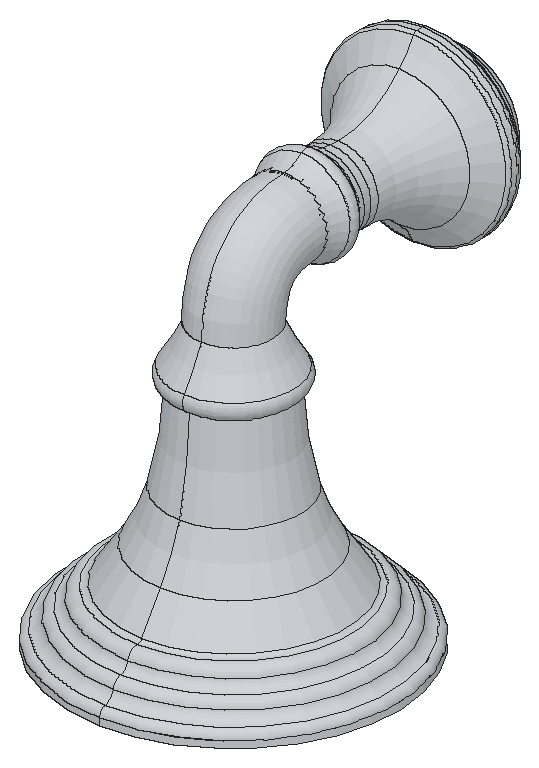
Revit family "Accessory-Robe_Hook-KOHLER-Devonshire-K-10555", category Specialty Equipment, host Face, Revit 2015
Parameters (values of type "CP-Polished Chrome")
  Width = 3 3/16"  # constant formula
  URL = "https://www.us.kohler.com/us/"
  Type = 1
  Product Page URL = "http://www.us.kohler.com/us/catalog/productDetails.jsp?productNumber=10555"
  Product Name = "Devonshire"  # constant formula
  Product Documentation Link = "http://www.us.kohler.com/onlinecatalog/pdf/K-10555_spec.pdf"
  Model = if(Type = 1, "K-10555-CP", if(Type = 2, "K-10555-SN", if(Type = 3, "K-10555-PB", if(Type = 4, "K-10555-BN", if(Type = 5, "K-10555-BV", if(Type = 6, "K-10555-2BZ", "NA"))))))  # "K-10555-CP"
  Material = "Premium Metal Construction"  # constant formula
  MasterFormat 2004 = "10.28.13"  # constant formula
  MasterFormat 1995 = "10820"  # constant formula
  Manufacturer Address = "444 Highland Dr, Kohler, WI 53044"  # constant formula
  Manufacturer = "KOHLER Co."  # constant formula
  Length = 2 3/8"  # constant formula
  Height = 3 1/4"  # constant formula
  Finish = Kohler-Metal-CP-Polished_Chrome
  Environmental Product Declaration = ""
  Description = "Robe hook "  # constant formula
  Default Elevation = 42"
  Declare Label = ""
  Date Modified = "08/30/2018"  # constant formula
  Date Created = "08/30/2018"  # constant formula
  Copyright = "Copyright KOHLER Co."  # constant formula
  Contact Us = "https://www.us.kohler.com/us/static/contact.jsp"
  Assembly Code = "C1030200"
  ADA Compliant = 1 = 0  # no
Types (6): name | Type | Model | Finish
  CP-Polished Chrome | 1 | "K-10555-CP" | Kohler-Metal-CP-Polished_Chrome
  SN-Vibrant Polished Nickel | 2 | "K-10555-SN" | Kohler-Metal-SN-Vibrant_Polished_Nickel
  PB-Vibrant Polished Brass | 3 | "K-10555-PB" | Kohler-Metal-PB-Vibrant_Polished_Brass
  BN-Vibrant Brushed Nickel | 4 | "K-10555-BN" | Kohler-Metal-BN-Vibrant_Brushed_Nickel
  BV-Vibrant Brushed Bronze | 5 | "K-10555-BV" | Kohler-Metal-BV-Brushed_Bronze
  2BZ-Oil Rubbed Bronze | 6 | "K-10555-2BZ" | Kohler-Metal-2BZ-Oil_Rubbed_Bronze
Reference planes (in)
  plane 1 "Center (Front/Back)": y = 0
  plane 2: z = 0
  plane 3 "Center (Left/Right)": x = 0
  plane 4: z = 3.1875
  plane 5: y = -1.18758
  plane 6: y = 2.06242
  plane 7: y = 1.18742
  plane 8: x = -1.1875
  plane 9: x = 1.1875
Dimensions and locks (in)
  "Height": plane 6 to plane 5
  "Width": plane 4 to level
  "Length": plane 8 to plane 9
  aligned and locked: plane 2 to host face
  aligned and locked: level to host face
Automatic sketch dimensions
  host sketch curve to host sketch curve = 96"  (x2)
Nested families (in)
  nested 1: "K-10555" at (0, 0, 0) x (0, 1, 0) z (0, 0, 1), type "K-10555"
Definition of nested family "K-10555"
  Parameters (values of type "K-10555")
    Material = none
  Reference planes (in)
    plane 1 "Center (Front/Back)": y = 0
    plane 2: z = 0
    plane 3 "Center (Left/Right)": x = 0
    plane 4: x = 1.1875
    plane 5: z = 3.1875
    plane 6: x = -1.1875
    plane 7: x = 2.0625
  Forms (in)
    Revolve 1, solid, material <- "Material", detail levels medium+fine
      sketch origin (0, 0, 0) x (1, 0, 0) y (0, 0, 1)
        loop
          line (-1.18749, 0) -> (0, 0) -> (0, 2.04672) -> (-0.28617, 2.04672)
          arc (-0.28617, 2.04672) -> (-0.35223, 1.90648) -> (-0.43491, 1.77536) r 1.26711
          arc (-0.43491, 1.77536) -> (-0.44575, 1.69714) -> (-0.38724, 1.64412) r 0.0845
          arc (-0.38724, 1.64412) -> (-0.4152, 1.31968) -> (-0.48139, 1.00084) r 2.7446
          arc (-0.48139, 1.00084) -> (-0.54805, 0.8122) -> (-0.64239, 0.63577) r 1.32349
          arc (-0.64239, 0.63577) -> (-0.72463, 0.51188) -> (-0.81159, 0.39126) r 3.8464
          arc (-0.81159, 0.39126) -> (-0.83075, 0.37569) -> (-0.85498, 0.37095) r 0.05099
          arc (-0.85498, 0.37095) -> (-0.90811, 0.35364) -> (-0.93606, 0.30525) r 0.07805
          arc (-0.93606, 0.30525) -> (-0.95791, 0.26208) -> (-1.0008, 0.23969) r 0.07914
          arc (-1.0008, 0.23969) -> (-1.0424, 0.21866) -> (-1.06503, 0.17791) r 0.07942
          arc (-1.06503, 0.17791) -> (-1.09103, 0.13146) -> (-1.13877, 0.1079) r 0.08978
          arc (-1.13877, 0.1079) -> (-1.17366, 0.08835) -> (-1.18749, 0.05083) r 0.05778
          line (-1.18749, 0.05083) -> (-1.18749, 0)
        axis (0, 2.04672) -> (0, 0)
      angle from 0 to 360
    Revolve 2, solid, material <- "Material", detail levels medium+fine
      sketch origin (0, 0, 0) x (1, 0, 0) y (0, 0, 1)
        loop
          arc (0.79232, 2.80726) -> (0.76656, 2.81325) -> (0.74094, 2.8198) r 1.2229
          arc (0.74094, 2.8198) -> (0.72592, 2.8165) -> (0.71994, 2.80233) r 0.01673
          arc (0.71994, 2.80233) -> (0.67915, 2.86245) -> (0.60664, 2.85794) r 0.07332
          arc (0.60664, 2.85794) -> (0.52515, 2.81788) -> (0.43634, 2.79897) r 0.36849
          line (0.43634, 2.79897) -> (0.43634, 2.51545) -> (2.06249, 2.51545)
          arc (2.06249, 2.51545) -> (2.03889, 2.74165) -> (1.96907, 2.9581) r 1.09515
          arc (1.96907, 2.9581) -> (1.9361, 2.99701) -> (1.88728, 3.01176) r 0.09004
          arc (1.88728, 3.01176) -> (1.87251, 3.01734) -> (1.86495, 3.03122) r 0.0227
          arc (1.86495, 3.03122) -> (1.84605, 3.06755) -> (1.80862, 3.08417) r 0.062
          arc (1.80862, 3.08417) -> (1.788, 3.09187) -> (1.77448, 3.10924) r 0.04038
          arc (1.77448, 3.10924) -> (1.75254, 3.14649) -> (1.72074, 3.17577) r 0.14746
          arc (1.72074, 3.17577) -> (1.70257, 3.1845) -> (1.68264, 3.1875) r 0.06776
          line (1.68264, 3.1875) -> (1.63181, 3.1875)
          arc (1.63181, 3.1875) -> (1.61668, 3.18358) -> (1.60534, 3.17281) r 0.03119
          arc (1.60534, 3.17281) -> (1.546, 3.08836) -> (1.47773, 3.01095) r 0.93778
          arc (1.47773, 3.01095) -> (1.22812, 2.84482) -> (0.9329, 2.79243) r 0.73366
          arc (0.9329, 2.79243) -> (0.89855, 2.79392) -> (0.86424, 2.79633) r 1.2876
          arc (0.86424, 2.79633) -> (0.8281, 2.80059) -> (0.79232, 2.80726) r 0.54206
        axis (2.06249, 2.51545) -> (0.43634, 2.51545)
      angle from 0 to 360
    SweptBlend 3, solid, material <- "Material", detail levels medium+fine
      path origin (0, 0, 0) x (1, 0, 0) y (0, 0, 1)
        loop
          spline (0, 2.04672) -> (0.00332, 2.12158) -> (0.01327, 2.18994) -> (0.02985, 2.25179) -> (0.05307, 2.30712) -> (0.08292, 2.35595) -> (0.11941, 2.39826) -> (0.16252, 2.43407) -> (0.21228, 2.46336) -> (0.26866, 2.48615) -> (0.33168, 2.50243) -> (0.40134, 2.51219) -> (0.47762, 2.51545)
      profile origin (0, 0, 2.04672) x (-1, 0, 0) y (0, -1, 0)
        loop
          circle (0, 0) r 0.28617
      end profile origin (0.47762, 0, 2.51545) x (0, 0, 1) y (0, -1, 0)
        loop
          circle (0, 0) r 0.28813
    Revolve 4, solid, material <- "Material", detail levels coarse
      sketch origin (0, 0, 0) x (1, 0, 0) y (0, 0, 1)
        loop
          line (-1.18749, 0) -> (-0.01182, 0) -> (-0.01182, 2.03177) -> (-0.4461, 2.03177) -> (-0.4461, 0.39756) -> (-1.18749, 0.39756) -> (-1.18749, 0)
        axis (-0.01182, 2.03177) -> (-0.01182, 0)
      angle from 0 to 360
    Revolve 5, solid, material <- "Material", detail levels coarse
      sketch origin (0, 0, 0) x (1, 0, 0) y (0, 0, 1)
        loop
          line (0.47762, 2.86613) -> (0.47762, 2.51545) -> (2.0625, 2.51545) -> (2.0625, 3.1875) -> (1.47762, 3.1875) -> (1.47762, 2.86613) -> (0.47762, 2.86613)
        axis (2.0625, 2.51545) -> (0.47762, 2.51545)
      angle from 0 to 360
    SweptBlend 6, solid, material <- "Material", detail levels coarse
      path origin (0.0003, 0, 0) x (1, 0, 0) y (0, 0, 1)
        loop
          arc (-0.01182, 2.03177) -> (0.13154, 2.37786) -> (0.47762, 2.52121) r 0.48944
      profile origin (-0.01152, 0, 2.03177) x (-1, 0, 0) y (0, -1, 0)
        loop
          circle (0, 0) r 0.43458
      end profile origin (0.47792, 0, 2.52121) x (0, 0, 1) y (0, -1, 0)
        loop
          circle (-0.00577, 0) r 0.35069
  Cuts and joins
    joined: Revolve 1, Revolve 2
    joined: Revolve 4, Revolve 5
  Lines and regions (in)
    Masking region 1
      outline origin (0, 0, 0) x (1, 0, 0) y (0, 0, 1)
        loop
          line (-1.18749, 0) -> (0, 0) -> (1.18749, 0) -> (1.18749, 0.05083)
          arc (1.18749, 0.05083) -> (1.17366, 0.08835) -> (1.13877, 0.1079) r 0.05778
          arc (1.13877, 0.1079) -> (1.09103, 0.13146) -> (1.06503, 0.17791) r 0.08978
          arc (1.06503, 0.17791) -> (1.0424, 0.21866) -> (1.0008, 0.23969) r 0.07942
          arc (1.0008, 0.23969) -> (0.95791, 0.26208) -> (0.93606, 0.30525) r 0.07914
          arc (0.93606, 0.30525) -> (0.90811, 0.35364) -> (0.85498, 0.37095) r 0.07805
          arc (0.85498, 0.37095) -> (0.83075, 0.37569) -> (0.81159, 0.39126) r 0.05099
          arc (0.81159, 0.39126) -> (0.72463, 0.51188) -> (0.64239, 0.63577) r 3.8464
          arc (0.64239, 0.63577) -> (0.54805, 0.8122) -> (0.48139, 1.00084) r 1.32349
          arc (0.48139, 1.00084) -> (0.4152, 1.31968) -> (0.38724, 1.64412) r 2.7446
          arc (0.38724, 1.64412) -> (0.44575, 1.69714) -> (0.43491, 1.77536) r 0.0845
          arc (0.43491, 1.77536) -> (0.35223, 1.90648) -> (0.28617, 2.04672) r 1.26711
          arc (0.28617, 2.04672) -> (0.28665, 2.08584) -> (0.29284, 2.12447) r 0.26754
          arc (0.29284, 2.12447) -> (0.30036, 2.1582) -> (0.31628, 2.18887) r 0.13366
          arc (0.31628, 2.18887) -> (0.34155, 2.20714) -> (0.37137, 2.21626) r 0.0951
          arc (0.37137, 2.21626) -> (0.41605, 2.22518) -> (0.46154, 2.22754) r 0.31404
          arc (0.46154, 2.22754) -> (0.5367, 2.20731) -> (0.60593, 2.17174) r 0.36849
          arc (0.60593, 2.17174) -> (0.67844, 2.16724) -> (0.71924, 2.22735) r 0.07332
          arc (0.71924, 2.22735) -> (0.72522, 2.21318) -> (0.74024, 2.20988) r 0.01673
          arc (0.74024, 2.20988) -> (0.76585, 2.21643) -> (0.79161, 2.22243) r 1.2229
          arc (0.79161, 2.22243) -> (0.82739, 2.2291) -> (0.86354, 2.23335) r 0.54206
          arc (0.86354, 2.23335) -> (0.89784, 2.23576) -> (0.9322, 2.23726) r 1.2876
          arc (0.9322, 2.23726) -> (1.22742, 2.18486) -> (1.47702, 2.01873) r 0.73366
          arc (1.47702, 2.01873) -> (1.54529, 1.94132) -> (1.60464, 1.85687) r 0.93778
          arc (1.60464, 1.85687) -> (1.61597, 1.8461) -> (1.63111, 1.84218) r 0.03119
          line (1.63111, 1.84218) -> (1.68193, 1.84218)
          arc (1.68193, 1.84218) -> (1.70186, 1.84518) -> (1.72003, 1.85391) r 0.06776
          arc (1.72003, 1.85391) -> (1.75183, 1.8832) -> (1.77377, 1.92044) r 0.14746
          arc (1.77377, 1.92044) -> (1.78729, 1.93782) -> (1.80791, 1.94552) r 0.04038
          arc (1.80791, 1.94552) -> (1.84534, 1.96213) -> (1.86425, 1.99847) r 0.062
          arc (1.86425, 1.99847) -> (1.8718, 2.01234) -> (1.88657, 2.01793) r 0.0227
          arc (1.88657, 2.01793) -> (1.93539, 2.03268) -> (1.96836, 2.07158) r 0.09004
          arc (1.96836, 2.07158) -> (2.03828, 2.28851) -> (2.06178, 2.51521) r 1.09515
          arc (2.06178, 2.51521) -> (2.03828, 2.74192) -> (1.96836, 2.95885) r 1.09515
          arc (1.96836, 2.95885) -> (1.93539, 2.99775) -> (1.88657, 3.0125) r 0.09004
          arc (1.88657, 3.0125) -> (1.8718, 3.01809) -> (1.86425, 3.03196) r 0.0227
          arc (1.86425, 3.03196) -> (1.84534, 3.0683) -> (1.80791, 3.08491) r 0.062
          arc (1.80791, 3.08491) -> (1.78729, 3.09261) -> (1.77377, 3.10999) r 0.04038
          arc (1.77377, 3.10999) -> (1.75183, 3.14723) -> (1.72003, 3.17652) r 0.14746
          arc (1.72003, 3.17652) -> (1.70186, 3.18525) -> (1.68193, 3.18825) r 0.06776
          line (1.68193, 3.18825) -> (1.63111, 3.18825)
          arc (1.63111, 3.18825) -> (1.61597, 3.18433) -> (1.60464, 3.17356) r 0.03119
          arc (1.60464, 3.17356) -> (1.54529, 3.08911) -> (1.47702, 3.0117) r 0.93778
          arc (1.47702, 3.0117) -> (1.22742, 2.84557) -> (0.9322, 2.79317) r 0.73366
          arc (0.9322, 2.79317) -> (0.89784, 2.79467) -> (0.86354, 2.79708) r 1.2876
          arc (0.86354, 2.79708) -> (0.82739, 2.80133) -> (0.79161, 2.808) r 0.54206
          arc (0.79161, 2.808) -> (0.76585, 2.814) -> (0.74024, 2.82055) r 1.2229
          arc (0.74024, 2.82055) -> (0.72522, 2.81725) -> (0.71924, 2.80308) r 0.01673
          arc (0.71924, 2.80308) -> (0.67844, 2.86319) -> (0.60593, 2.85869) r 0.07332
          arc (0.60593, 2.85869) -> (0.53942, 2.82418) -> (0.4673, 2.80385) r 0.36849
          arc (0.4673, 2.80385) -> (0.22388, 2.77169) -> (0, 2.67085) r 0.84426
          arc (0, 2.67085) -> (-0.221, 2.39451) -> (-0.28617, 2.04672) r 0.73033
          arc (-0.28617, 2.04672) -> (-0.35223, 1.90648) -> (-0.43491, 1.77536) r 1.26711
          arc (-0.43491, 1.77536) -> (-0.44575, 1.69714) -> (-0.38724, 1.64412) r 0.0845
          arc (-0.38724, 1.64412) -> (-0.4152, 1.31968) -> (-0.48139, 1.00084) r 2.7446
          arc (-0.48139, 1.00084) -> (-0.54805, 0.8122) -> (-0.64239, 0.63577) r 1.32349
          arc (-0.64239, 0.63577) -> (-0.72463, 0.51188) -> (-0.81159, 0.39126) r 3.8464
          arc (-0.81159, 0.39126) -> (-0.83075, 0.37569) -> (-0.85498, 0.37095) r 0.05099
          arc (-0.85498, 0.37095) -> (-0.90811, 0.35364) -> (-0.93606, 0.30525) r 0.07805
          arc (-0.93606, 0.30525) -> (-0.95791, 0.26208) -> (-1.0008, 0.23969) r 0.07914
          arc (-1.0008, 0.23969) -> (-1.0424, 0.21866) -> (-1.06503, 0.17791) r 0.07942
          arc (-1.06503, 0.17791) -> (-1.09103, 0.13146) -> (-1.13877, 0.1079) r 0.08978
          arc (-1.13877, 0.1079) -> (-1.17366, 0.08835) -> (-1.18749, 0.05083) r 0.05778
          line (-1.18749, 0.05083) -> (-1.18749, 0)
    Masking region 2
      outline origin (0, 0, 0) x (0, 1, 0) y (0, 0, 1)
        loop
          line (-1.18749, 0) -> (0, 0) -> (1.18749, 0) -> (1.18749, 0.05083)
          arc (1.18749, 0.05083) -> (1.17366, 0.08835) -> (1.13877, 0.1079) r 0.05778
          arc (1.13877, 0.1079) -> (1.09103, 0.13146) -> (1.06503, 0.17791) r 0.08978
          arc (1.06503, 0.17791) -> (1.0424, 0.21866) -> (1.0008, 0.23969) r 0.07942
          arc (1.0008, 0.23969) -> (0.95791, 0.26208) -> (0.93606, 0.30525) r 0.07914
          arc (0.93606, 0.30525) -> (0.90811, 0.35364) -> (0.85498, 0.37095) r 0.07805
          arc (0.85498, 0.37095) -> (0.83075, 0.37569) -> (0.81159, 0.39126) r 0.05099
          arc (0.81159, 0.39126) -> (0.72463, 0.51188) -> (0.64239, 0.63577) r 3.8464
          arc (0.64239, 0.63577) -> (0.54805, 0.8122) -> (0.48139, 1.00084) r 1.32349
          arc (0.48139, 1.00084) -> (0.4152, 1.31968) -> (0.38724, 1.64412) r 2.7446
          arc (0.38724, 1.64412) -> (0.44575, 1.69714) -> (0.43491, 1.77536) r 0.0845
          arc (0.43491, 1.77536) -> (0.38306, 1.85333) -> (0.33711, 1.93491) r 1.26711
          arc (0.33711, 1.93491) -> (-0.00073, 3.1875) -> (-0.33728, 1.93457) r 0.67176
          arc (-0.33728, 1.93457) -> (-0.38316, 1.85316) -> (-0.43491, 1.77536) r 1.26711
          arc (-0.43491, 1.77536) -> (-0.44575, 1.69714) -> (-0.38724, 1.64412) r 0.0845
          arc (-0.38724, 1.64412) -> (-0.4152, 1.31968) -> (-0.48139, 1.00084) r 2.7446
          arc (-0.48139, 1.00084) -> (-0.54805, 0.8122) -> (-0.64239, 0.63577) r 1.32349
          arc (-0.64239, 0.63577) -> (-0.72463, 0.51188) -> (-0.81159, 0.39126) r 3.8464
          arc (-0.81159, 0.39126) -> (-0.83075, 0.37569) -> (-0.85498, 0.37095) r 0.05099
          arc (-0.85498, 0.37095) -> (-0.90811, 0.35364) -> (-0.93606, 0.30525) r 0.07805
          arc (-0.93606, 0.30525) -> (-0.95791, 0.26208) -> (-1.0008, 0.23969) r 0.07914
          arc (-1.0008, 0.23969) -> (-1.0424, 0.21866) -> (-1.06503, 0.17791) r 0.07942
          arc (-1.06503, 0.17791) -> (-1.09103, 0.13146) -> (-1.13877, 0.1079) r 0.08978
          arc (-1.13877, 0.1079) -> (-1.17366, 0.08835) -> (-1.18749, 0.05083) r 0.05778
          line (-1.18749, 0.05083) -> (-1.18749, 0)
    Masking region 3
      outline origin (0, 0, 0) x (1, 0, 0) y (0, 1, 0)
        loop
          arc (1.1483, 0.30256) -> (-1.18749, 0) -> (1.1483, -0.30256) r 1.18749
          arc (1.1483, -0.30256) -> (1.3258, -0.37722) -> (1.47776, -0.4955) r 0.73366
          arc (1.47776, -0.4955) -> (1.54603, -0.57292) -> (1.60538, -0.65737) r 0.93778
          arc (1.60538, -0.65737) -> (1.61671, -0.66814) -> (1.63185, -0.67205) r 0.03119
          line (1.63185, -0.67205) -> (1.68267, -0.67205)
          arc (1.68267, -0.67205) -> (1.7026, -0.66906) -> (1.72077, -0.66033) r 0.06776
          arc (1.72077, -0.66033) -> (1.75257, -0.63104) -> (1.77451, -0.59379) r 0.14746
          arc (1.77451, -0.59379) -> (1.78803, -0.57642) -> (1.80865, -0.56872) r 0.04038
          arc (1.80865, -0.56872) -> (1.84609, -0.5521) -> (1.86499, -0.51577) r 0.062
          arc (1.86499, -0.51577) -> (1.87254, -0.5019) -> (1.88732, -0.49631) r 0.0227
          arc (1.88732, -0.49631) -> (1.93613, -0.48156) -> (1.96911, -0.44266) r 0.09004
          arc (1.96911, -0.44266) -> (2.03892, -0.22621) -> (2.06253, 0) r 1.09515
          arc (2.06253, 0) -> (2.03892, 0.22621) -> (1.96911, 0.44266) r 1.09515
          arc (1.96911, 0.44266) -> (1.93613, 0.48156) -> (1.88732, 0.49631) r 0.09004
          arc (1.88732, 0.49631) -> (1.87254, 0.5019) -> (1.86499, 0.51577) r 0.0227
          arc (1.86499, 0.51577) -> (1.84609, 0.5521) -> (1.80865, 0.56872) r 0.062
          arc (1.80865, 0.56872) -> (1.78803, 0.57642) -> (1.77451, 0.59379) r 0.04038
          arc (1.77451, 0.59379) -> (1.75257, 0.63104) -> (1.72077, 0.66033) r 0.14746
          arc (1.72077, 0.66033) -> (1.7026, 0.66906) -> (1.68267, 0.67205) r 0.06776
          line (1.68267, 0.67205) -> (1.63185, 0.67205)
          arc (1.63185, 0.67205) -> (1.61671, 0.66814) -> (1.60538, 0.65737) r 0.03119
          arc (1.60538, 0.65737) -> (1.54603, 0.57292) -> (1.47776, 0.4955) r 0.93778
          arc (1.47776, 0.4955) -> (1.3258, 0.37722) -> (1.1483, 0.30256) r 0.73366
    symbolic lines, detail levels medium+fine
      curve 1: line (0.38724, 0, 1.64412) -> (-0.38724, 0, 1.64412)
      curve 2: line (0.71994, 0, 2.22856) -> (0.71994, 0, 2.80233)
      curve 3: line (-0.85498, 0, 0.37095) -> (0.85498, 0, 0.37095)
      curve 4: line (-1.0008, 0, 0.23969) -> (1.0008, 0, 0.23969)
      curve 5: line (-1.13877, 0, 0.1079) -> (1.13877, 0, 0.1079)
      curve 6: line (-0.43491, 0, 1.77536) -> (0.43491, 0, 1.77536)
      curve 7: line (0.47762, 0, 2.80363) -> (0.47762, 0, 2.22726)
      curve 8: line (1.72003, 0, 3.17652) -> (1.72003, 0, 1.85391)
      curve 9: line (0, 0.38724, 1.64412) -> (0, -0.38724, 1.64412)
      curve 10: line (0, 0.85498, 0.37095) -> (0, -0.85498, 0.37095)
      curve 11: line (0, 1.0008, 0.23969) -> (0, -1.0008, 0.23969)
      curve 12: line (0, 1.13877, 0.1079) -> (0, -1.13877, 0.1079)
      curve 13: arc (0.79128, 0.29181, 0) -> (0.76553, 0.2978, 0) -> (0.73991, 0.30435, 0) r 1.2229
      curve 14: arc (0.86321, 0.28089, 0) -> (0.82706, 0.28514, 0) -> (0.79128, 0.29181, 0) r 0.54206
      curve 15: arc (0.93187, 0.27698, 0) -> (0.89751, 0.27848, 0) -> (0.86321, 0.28089, 0) r 1.2876
      curve 16: arc (0.6056, 0.34249, 0) -> (0.50898, 0.29756, 0) -> (0.40355, 0.28216, 0) r 0.36849
      curve 17: arc (0.71891, 0.28689, 0) -> (0.67811, 0.347, 0) -> (0.6056, 0.34249, 0) r 0.07332
      curve 18: arc (0.71891, 0.28689, 0) -> (0.72489, 0.30105, 0) -> (0.73991, 0.30435, 0) r 0.01673
      curve 19: arc (0.93187, 0.27698, 0) -> (1.04054, 0.28588, 0) -> (1.1483, 0.30256, 0) r 1.51779
      curve 20: arc (0.79128, -0.29181, 0) -> (0.76553, -0.2978, 0) -> (0.73991, -0.30435, 0) r 1.2229
      curve 21: arc (0.86321, -0.28089, 0) -> (0.82706, -0.28514, 0) -> (0.79128, -0.29181, 0) r 0.54206
      curve 22: arc (0.93187, -0.27698, 0) -> (0.89751, -0.27848, 0) -> (0.86321, -0.28089, 0) r 1.2876
      curve 23: arc (0.6056, -0.34249, 0) -> (0.50898, -0.29756, 0) -> (0.40355, -0.28216, 0) r 0.36849
      curve 24: arc (0.71891, -0.28689, 0) -> (0.67811, -0.347, 0) -> (0.6056, -0.34249, 0) r 0.07332
      curve 25: arc (0.71891, -0.28689, 0) -> (0.72489, -0.30105, 0) -> (0.73991, -0.30435, 0) r 0.01673
      curve 26: arc (0.93187, -0.27698, 0) -> (1.04054, -0.28588, 0) -> (1.1483, -0.30256, 0) r 1.51779
      curve 27: arc (-0.01324, -0.28619, 0) -> (-0.28615, 0.00635, 0) -> (0, 0.28596, 0) r 0.28622
      curve 28: line (0, 0.28596, 0) -> (0.26611, 0.28131, 0)
      curve 29: line (-0.01324, -0.28619, 0) -> (0.26611, -0.28131, 0)
      curve 30: line (0.71891, 0.28689, 0) -> (0.71891, -0.28689, 0)
      curve 31: line (1.60538, 0.65737, 0) -> (1.60538, -0.65737, 0)
      curve 32: line (0.6056, 0.34249, 0) -> (0.6056, -0.34249, 0)
      curve 33: arc (0.26611, 0.28131, 0) -> (-0.38724, 0, 0) -> (0.26611, -0.28131, 0) r 0.38724
      curve 34: line (0.26611, 0.28131, 0) -> (0.40355, 0.28131, 0)
      curve 35: line (0.26611, -0.28131, 0) -> (0.40355, -0.28131, 0)
      curve 36: arc (0, -0.33728, 1.93457) -> (0, -0.00004, 1.84398) -> (0, 0.33711, 1.93491) r 0.67176
  Dimensions and locks (in)
    plane 5 to level = 3 3/16"
    plane 6 to plane 4 = 2 3/8"
    plane 7 to plane 6 = 3 1/4"
    aligned and locked: plane 2 to level
